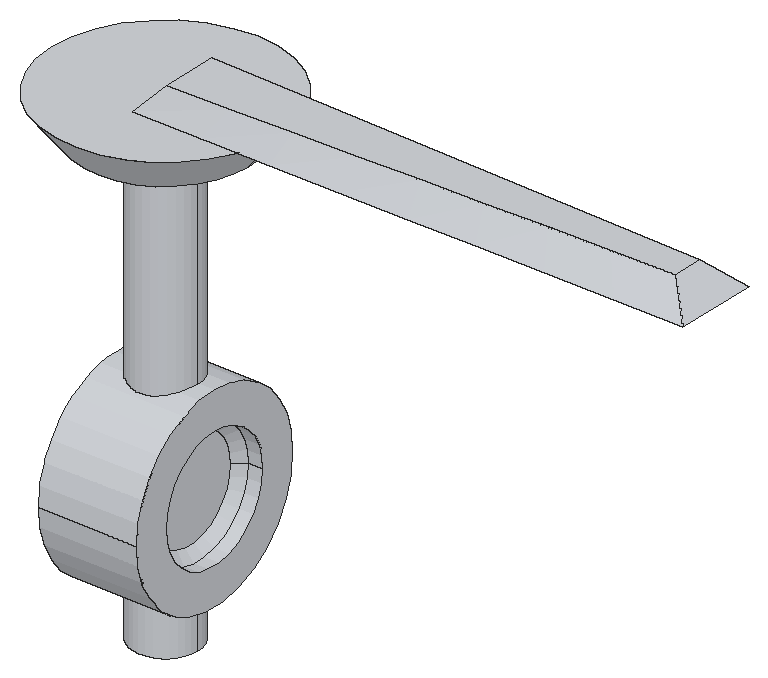
Revit family "Válvula Borboleta - 60-110 mm", category Acessórios do tubo, Revit 2019
Family settings
  Cota do conector redondo = Usar raio
  Tipo de parte = Válvula - Quebra entre
  ID de item do Seek = Butterfly Valve - 50-300 mm-0000-CAN-ENU
  Com base no plano de trabalho = Não
  Sempre na vertical = Sim
  Corte com vazios quando carregada = Não
  Compartilhado = Não
Parameters (values of type "60 mm")
  Largura 3 = Largura 1 / 2  # 24.15 mm
  Largura 2 = 0.38 * Diâmetro da chapeleta  # 12.236 mm
  Largura 1 = 1.5 * Diâmetro da chapeleta  # 48.30 mm
  Material da válvula = none
  Raio do tronco = 0.73 * Raio da manivela  # 40.88 mm
  Diâmetro do tronco = Raio do tronco * 2  # 81.76 mm
  Raio 1 = Raio nominal - 5.06 mm  # 24.94 mm
  Raio da tubulação = 1.6 * Raio nominal  # 48.00 mm
  Diâmetro da tubulação = Raio da tubulação * 2  # 96.00 mm
  Altura total = 254.00 mm
  Raio nominal = 30 mm
  Diâmetro nominal = Raio nominal * 2  # 60 mm
  Método de perda = Coeficiente K
  Largura da alavanca 1 = Largura da alavanca / 2  # 20.325 mm
  Largura da alavanca = 0.15 * Comprimento da alavanca  # 40.65 mm
  Material da alavanca = none
  Comprimento da alavanca = 271.00 mm
  Comprimento = tan(30.00°) * Largura 1 / 2  # 13.943 mm
  K Coefficient = 3.55
  Raio do furo = 2.00 mm
  Distância do furo = 130.00 mm
  Diâmetro do furo = Raio do furo * 2  # 4.00 mm
  Raio da manivela = 56.00 mm
  Diâmetro da manivela = Raio da manivela * 2  # 112.00 mm
  Espessura do equipamento de fixação = 0.1 * Diâmetro nominal  # 6.00 mm
  Comprimento do equipamento de fixação = 0.25 * Diâmetro nominal  # 15.00 mm
  Altura do equipamento de fixação = 0.66 * Diâmetro nominal  # 39.60 mm
  Altura do conector = 70.00 mm
  Raio da chapeleta = 0.35 * Comprimento do corpo  # 16.10 mm
  Diâmetro da chapeleta = Raio da chapeleta * 2  # 32.20 mm
  Comprimento do corpo = 46.00 mm
Types (5, lengths in mm): name | Largura 3 | Largura 2 | Largura 1 | Raio 1 | Raio da tubulação | Diâmetro da tubulação | Altura total | Raio nominal | Diâmetro nominal | Largura da alavanca 1 | Largura da alavanca | Comprimento da alavanca | Comprimento | K Coefficient | Distância do furo | Espessura do equipamento de fixação | Comprimento do equipamento de fixação | Altura do equipamento de fixação | Altura do conector | Raio da chapeleta | Diâmetro da chapeleta | Comprimento do corpo
  (no name) | 24.15 | 12.236 | 48.30 | 24.94 | 48.00 | 96.00 | 254.00 | 30 | 60 | 20.325 | 40.65 | 271.00 | 13.943 | 3.55 | 130.00 | 6.00 | 15.00 | 39.60 | 70.00 | 16.10 | 32.20 | 46.00
  75 mm | 22.575 | 11.438 | 45.15 | 32.44 | 60.00 | 120.00 | 235.00 | 37.5 | 75 | 20.325 | 40.65 | 271.00 | 13.034 | 3.74 | 111.00 | 7.50 | 18.75 | 49.50 | 64.00 | 15.05 | 30.10 | 43.00
  60 mm | 24.15 | 12.236 | 48.30 | 24.94 | 48.00 | 96.00 | 254.00 | 30 | 60 | 20.325 | 40.65 | 271.00 | 13.943 | 3.55 | 130.00 | 6.00 | 15.00 | 39.60 | 70.00 | 16.10 | 32.20 | 46.00
  85 mm | 22.575 | 11.438 | 45.15 | 37.44 | 68.00 | 136.00 | 279.00 | 42.5 | 85 | 20.40 | 40.80 | 272.00 | 13.034 | 3.9 | 152.00 | 8.50 | 21.25 | 56.10 | 83.00 | 15.05 | 30.10 | 43.00
  110 mm | 27.30 | 13.832 | 54.60 | 49.94 | 88.00 | 176.00 | 321.00 | 55 | 110 | 20.40 | 40.80 | 272.00 | 15.762 | 4.35 | 168.00 | 11.00 | 27.50 | 72.60 | 105.00 | 18.20 | 36.40 | 52.00
Reference planes
  plane 1 "Centro (Frente/Trás)": y = 0
  plane 2: z = 0
  plane 3 "Centro (Esquerda/Direita)": x = 0
  plane 4: x = -24.15
  plane 5: x = 24.15
  plane 6: x = -11.914
  plane 7: x = 11.914
  plane 8: x = -16.676
  plane 9: x = 16.677
  plane 10: z = -70
  plane 11: z = 184
  plane 12: z = 171.3
  plane 13: z = 164.95
  plane 14: z = 152.25
  plane 15: y = 20.325
  plane 16: y = -20.325
  plane 17: x = 271
  plane 18: y = 13.943
  plane 19: y = -13.943
Forms (mm)
  Extrusion 1, solid, material <- "Material da válvula", detail levels fine
    sketch origin (0, 0, 0) x (0, 1, 0) y (0, 0, 1)
      loop
        circle (0, 0) r 48
    from -24.15 to 24.15
  Extrusion 2, solid, material <- "Material da válvula", detail levels fine
    sketch origin (0, 0, 0) x (1, 0, 0) y (0, 1, 0)
      loop
        circle (0, 0) r 16.1
    from -70 to 152.25
  Blend 3, void
    base sketch origin (0, 0, 0) x (0, 1, 0) y (0, 0, 1)
      loop
        circle (0, 0) r 24.94
    top sketch origin (0, 0, 0) x (0, 1, 0) y (0, 0, 1)
      loop
        circle (0, 0) r 30
    from 11.914 to 16.677
  Extrusion 4, void
    sketch origin (0, 0, 0) x (0, 1, 0) y (0, 0, 1)
      loop
        circle (0, 0) r 30
    from 16.677 to 24.15
  Blend 5, void
    base sketch origin (0, 0, 0) x (0, 1, 0) y (0, 0, 1)
      loop
        circle (0, 0) r 24.94
    top sketch origin (0, 0, 0) x (0, 1, 0) y (0, 0, 1)
      loop
        circle (0, 0) r 30
    from -11.914 to -16.676
  Extrusion 6, void
    sketch origin (0, 0, 0) x (0, 1, 0) y (0, 0, 1)
      loop
        circle (0, 0) r 30
    from -16.676 to -24.15
  Blend 7, solid, material <- "Material da válvula", detail levels fine
    base sketch origin (0, 0, 0) x (1, 0, 0) y (0, 1, 0)
      loop
        line (271, 20.325) -> (0, 20.325) -> (0, -20.325) -> (271, -20.325) -> (271, 20.325)
    top sketch origin (0, 0, 0) x (1, 0, 0) y (0, 1, 0)
      loop
        line (11.914, 13.943) -> (11.914, -13.943) -> (257.319, -7.211) -> (257.319, 7.789) -> (11.914, 13.943)
    from 171.3 to 184
  Blend 8, solid, material <- "Material da válvula", detail levels fine
    base sketch origin (0, 0, 0) x (1, 0, 0) y (0, 1, 0)
      loop
        circle (0, 0) r 40.88
    top sketch origin (0, 0, 0) x (1, 0, 0) y (0, 1, 0)
      loop
        circle (0, 0) r 56
    from 152.25 to 171.3
Cuts and joins
  Blend 3, Extrusion 4, Blend 5, Extrusion 6 cuts Extrusion 1
  Blend 3, Extrusion 4, Blend 5, Extrusion 6 cuts Extrusion 2
  joined: Extrusion 1, Extrusion 2, Blend 7, Blend 8
Lines and regions (mm)
  model lines, detail levels coarse+medium
    curve 1: line (-24.15, -13.943, 0) -> (-24.15, 13.943, 0)
    curve 2: line (-24.15, 13.943, 0) -> (24.15, -13.943, 0)
    curve 3: line (24.15, -13.943, 0) -> (24.15, 13.943, 0)
    curve 4: circle (0, 0, 0) r 16.1 normal (0, 0, 1)
Dimensions and locks
  "Largura 3": plane 4 to plane 3 "Centro (Esquerda/Direita)"
  "Largura 3": plane 3 "Centro (Esquerda/Direita)" to plane 5
  "Largura 2": plane 7 to plane 5
  "Largura 2": plane 4 to plane 6
  locked: plane 7 to plane 9 at 4.763
  locked: plane 8 to plane 6 at 4.763
  "Altura do conector": plane 2 to plane 10
  "Altura total": plane 11 to plane 10
  locked: plane 11 to plane 12 at 12.7
  locked: plane 12 to plane 13 at 6.35
  locked: plane 13 to plane 14 at 12.7
  "Comprimento da alavanca": plane 3 "Centro (Esquerda/Direita)" to plane 17
  "Largura da alavanca 1": plane 16 to plane 1 "Centro (Frente/Trás)"
  "Largura da alavanca 1": plane 15 to plane 1 "Centro (Frente/Trás)"
  "Comprimento": plane 18 to plane 1 "Centro (Frente/Trás)"
  "Comprimento": plane 1 "Centro (Frente/Trás)" to plane 19
  plane 3 "Centro (Esquerda/Direita)" to Blend 7 = 271.00 mm
  "Raio da tubulação": radius of Extrusion 1 sketch curve
  "Raio da chapeleta": radius of Extrusion 2 sketch curve
  "Raio 1": radius of Blend 3 sketch curve
  "Raio nominal": radius of Blend 3 sketch curve
  "Raio nominal": radius of Extrusion 4 sketch curve
  "Raio 1": radius of Blend 5 sketch curve
  "Raio nominal": radius of Blend 5 sketch curve
  "Raio nominal": radius of Extrusion 6 sketch curve
  "Raio da chapeleta": radius of curve 4
  aligned and locked: plane 1 "Centro (Frente/Trás)" to Extrusion 1 sketch curve
  aligned and locked: plane 2 to Extrusion 1 sketch curve
  aligned and locked: Extrusion 1 to plane 4
  aligned and locked: plane 5 to Extrusion 1
  aligned and locked: plane 3 "Centro (Esquerda/Direita)" to Extrusion 2 sketch curve
  aligned and locked: plane 1 "Centro (Frente/Trás)" to Extrusion 2 sketch curve
  aligned and locked: Extrusion 2 to plane 10
  aligned and locked: plane 14 to Extrusion 2
  aligned and locked: plane 1 "Centro (Frente/Trás)" to Blend 3 sketch curve  (x2)
  aligned and locked: plane 2 to Blend 3 sketch curve  (x2)
  aligned and locked: plane 9 to Blend 3
  aligned and locked: Blend 3 to plane 7
  aligned and locked: plane 1 "Centro (Frente/Trás)" to Extrusion 4 sketch curve
  aligned and locked: plane 2 to Extrusion 4 sketch curve
  aligned and locked: Extrusion 4 to plane 9
  aligned and locked: plane 5 to Extrusion 4
  aligned and locked: plane 1 "Centro (Frente/Trás)" to Blend 5 sketch curve  (x2)
  aligned and locked: plane 2 to Blend 5 sketch curve  (x2)
  aligned and locked: Blend 5 to plane 8
  aligned and locked: plane 6 to Blend 5
  aligned and locked: plane 1 "Centro (Frente/Trás)" to Extrusion 6 sketch curve
  aligned and locked: plane 2 to Extrusion 6 sketch curve
  aligned and locked: Extrusion 6 to plane 4
  aligned and locked: plane 8 to Extrusion 6
  aligned and locked: plane 3 "Centro (Esquerda/Direita)" to nested 1
  aligned and locked: plane 1 "Centro (Frente/Trás)" to nested 1
  aligned and locked: plane 3 "Centro (Esquerda/Direita)" to curve 4
  aligned and locked: plane 1 "Centro (Frente/Trás)" to curve 4
  aligned and locked: plane 15 to Blend 7
  aligned and locked: plane 17 to Blend 7
  aligned and locked: plane 16 to Blend 7
  aligned and locked: plane 11 to Blend 7
  aligned and locked: Blend 7 to plane 12
  aligned and locked: plane 12 to Blend 8
  aligned and locked: Blend 8 to plane 14
Automatic sketch dimensions
  curve 1 to plane 4 = 0.00 mm
  curve 3 to plane 5 = 0.00 mm
  curve 2 to plane 19 = 0.00 mm
  curve 1 to plane 19 = 0.00 mm
  curve 3 to plane 18 = 0.00 mm
  curve 2 to plane 18 = 0.00 mm
  Blend 7 sketch curve to plane 3 "Centro (Esquerda/Direita)" = 0.00 mm
  plane 16 to Blend 7 sketch curve = 0.00 mm
  Blend 7 sketch curve to plane 17 = 0.00 mm
  Blend 7 sketch curve to plane 15 = 0.00 mm
  Blend 7 sketch curve to plane 7 = 0.00 mm
  Blend 7 sketch curve to plane 19 = 0.00 mm
  Blend 7 sketch curve to plane 18 = 0.00 mm
  Blend 7 sketch curve to plane 17 = 13.681 mm
  plane 1 "Centro (Frente/Trás)" to Blend 7 sketch curve = 7.211 mm
  Blend 7 sketch curve to plane 1 "Centro (Frente/Trás)" = 7.789 mm
  plane 1 "Centro (Frente/Trás)" to Blend 8 sketch curve = 0.00 mm  (x2)
  Blend 8 sketch curve to plane 3 "Centro (Esquerda/Direita)" = 0.00 mm  (x2)
  radius of Blend 8 sketch curve = 40.88 mm
  radius of Blend 8 sketch curve = 56.00 mm
Nested families
  nested 1: "M_Válvula borboleta - 50-300 mm Componente do detalhe" at (0, 0, 0), type "Válvula borboleta - 50-300 mm Componente de detalhe", detail levels coarse+medium
Connectors
  piping at (-24.15, 0, 0), diameter 60, driven by "Raio nominal"
    settings: on Extrusion 1, index 1, connector inside diameter 60 mm, connector length 0.00 mm, flow factor 0, pipe flow 0.0 L/s, pressure drop 0.0 Pa, fitting loss kfactor 0, connector angle 0.00°, fixture units 0, engagement length 0.00 mm, angle of deflection 0.00°, flow configuration 0, flow direction 0, fitting loss method 0, system type 29, joint type 0, gender type 0, connector reference index 2, connector utility 0, adjustable connector no, is connector primary yes, connector description ""
  piping at (24.15, 0, 0), diameter 60, driven by "K Coefficient", driven by "Raio nominal"
    settings: on Extrusion 1, index 2, connector inside diameter 60 mm, connector length 0.00 mm, flow factor 0, pipe flow 0.0 L/s, pressure drop 0.0 Pa, fitting loss kfactor 3.55, connector angle 0.00°, fixture units 0, engagement length 0.00 mm, angle of deflection 0.00°, flow configuration 0, flow direction 0, fitting loss method 0, system type 29, joint type 0, gender type 0, connector reference index 1, connector utility 0, adjustable connector no, is connector primary no, connector description ""
Definition of nested family "M_Válvula borboleta - 50-300 mm Componente do detalhe"
  Parameters
    Raio = 15.00 mm
    Assembly Code = ""
  Reference planes
    plane 1 "Centro (Frente/Trás)": y = 0
    plane 2: z = 0
    plane 3 "Centro (Esquerda/Direita)": x = 0
  Lines and regions (mm)
    Filled region 1, type "Bloco de concreto", in view "Nível de referência"
      outline origin (0, 0, 0) x (1, 0, 0) y (0, 1, 0)
        loop
          circle (0, 0) r 15
  Dimensions and locks
    "Raio": radius of Filled region 1 sketch curve
    aligned and locked: plane 3 "Centro (Esquerda/Direita)" to Filled region 1 sketch curve
    aligned and locked: plane 1 "Centro (Frente/Trás)" to Filled region 1 sketch curve
